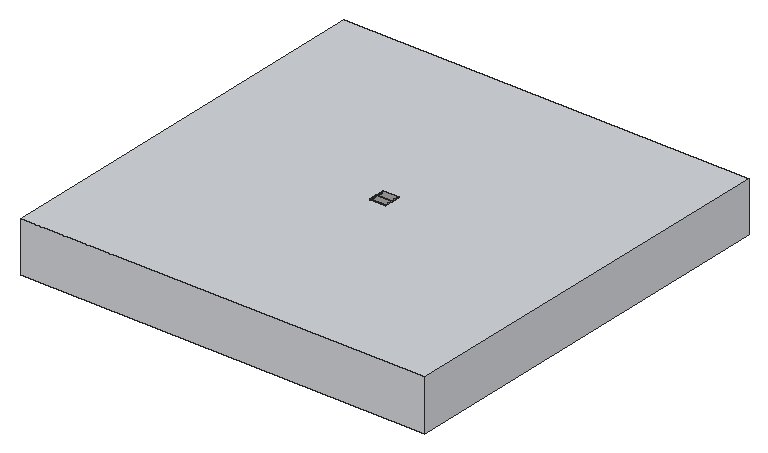
Revit family "Gira_502205", category Elektroinstallationen, Revit 2017
Family settings
  Basisbauteil = Fläche
  Beschriftungsausrichtung beibehalten = Nein
  Bemaßung runder Anschluss = Durchmesser verwenden
  Teiletyp = Normal
  Beim Laden mit Abzugskörper schneiden = Nein
  Gemeinsam genutzt = Nein
  Raumberechnungspunkt = Nein
Parameters (values of type "Wippenset 2f Tastsens.4 TS4 G Schwarz")
  Werkstoffgüte = ""
  Werkstoff Text = "Glas"
  Default Elevation = 1219.2 mm
  URL = "https://www.gira.de/"
  Typname = "Wippenset 2f Tastsens.4 TS4 G Schwarz"
  Type Comments = ""
  Transparent = no
  Produktseite = "https://media.stage.bim.site/t/eyJhbGciOiJIUzI1NiIsInR5cCI6IkpXVCJ9.eyJjdCI6MiwidHUiOiJodHRwOi8va2F0YWxvZy5naXJhLmRlL2RlX0RFL2RhdGVuYmxhdHQuaHRtbD9hcnRpa2VsbnI9NTAyMjA1IiwiY2lkIjoiMzI3N2NjMjMtODFhOS00ZWUzLWE5MGEtYjQ3YmI0YzBiNjE2IiwicmlkIjoiMWIyMWQ1ZDk4ZGQ1NjRkOWJkNmQxZjRhOTdmNGJkYjQiLCJwaWQiOiI2ZTM5OTM1NDc0MmYwNmMxZTU4NGQ1MmVlOTUzNjhjNmVhM2NiNWJkIiwic2lkIjoiNjM0NzAiLCJ1dCI6MSwibGMiOiJkZSIsImlhdCI6MTYwMDk0NTI1NSwiaXNzIjoiaHR0cHM6Ly9hcGkubGl2ZS5iaW0uc2l0ZSIsInN1YiI6ImFkbWluQGJpbXNpdGUuZGV2In0.Swe4Y3NND8hJRV7GYpqz1jh9BWdQmOjFVoW7k1xVzJE"
  Model = ""
  Cost = 0
  Hersteller = "Gira"
  HeinzeBIM = "https://www.heinze.de/bim/wippenset-2f-tastsens-4-ts4-g-schwarz/6e399354742f06c1e584d52ee95368c6ea3cb5bd"
  HAN = "502205"
  GTIN = "4010337071990"
  Funk bidirektional = no
  Farbe = "schwarz"
  Datenblatt 1 = "https://media.stage.bim.site/t/eyJhbGciOiJIUzI1NiIsInR5cCI6IkpXVCJ9.eyJjdCI6MSwidGYiOiJwdWJsaWMvZ2lyYS9hZThjNTU3LzUwMjIwNS50eHQiLCJjaWQiOiIzMjc3Y2MyMy04MWE5LTRlZTMtYTkwYS1iNDdiYjRjMGI2MTYiLCJyaWQiOiIxYjIxZDVkOThkZDU2NGQ5YmQ2ZDFmNGE5N2Y0YmRiNCIsInBpZCI6IjZlMzk5MzU0NzQyZjA2YzFlNTg0ZDUyZWU5NTM2OGM2ZWEzY2I1YmQiLCJzaWQiOiI2MzQ3MCIsInV0IjoxLCJsYyI6ImRlIiwiaWF0IjoxNjAwOTQ1MjU1LCJpc3MiOiJodHRwczovL2FwaS5saXZlLmJpbS5zaXRlIiwic3ViIjoiYWRtaW5AYmltc2l0ZS5kZXYifQ.05tRv_WV3dKPAUDO6Bb5DyEgXGWhxvr6wOzZHeokyVo/502205.txt"
  Datenblatt = "https://media.stage.bim.site/t/eyJhbGciOiJIUzI1NiIsInR5cCI6IkpXVCJ9.eyJjdCI6MSwidHUiOiJodHRwczovL2thdGFsb2cuZ2lyYS5kZS9kZV9ERS9kb3dubG9hZC5odG1sP2FydGlrZWxucj01MDIyMDUiLCJjaWQiOiIzMjc3Y2MyMy04MWE5LTRlZTMtYTkwYS1iNDdiYjRjMGI2MTYiLCJyaWQiOiIxYjIxZDVkOThkZDU2NGQ5YmQ2ZDFmNGE5N2Y0YmRiNCIsInBpZCI6IjZlMzk5MzU0NzQyZjA2YzFlNTg0ZDUyZWU5NTM2OGM2ZWEzY2I1YmQiLCJzaWQiOiI2MzQ3MCIsInV0IjoxLCJsYyI6ImRlIiwiaWF0IjoxNjAwOTQ1MjU1LCJpc3MiOiJodHRwczovL2FwaS5saXZlLmJpbS5zaXRlIiwic3ViIjoiYWRtaW5AYmltc2l0ZS5kZXYifQ.zsnR72TqTifHMQvjaOmHPa1Hufe4V65w7fzJk8UAavY"
  Bussystem Powernet = no
  Bussystem LON = no
  Bussystem KNX-Funk = no
  Bussystem KNX = yes
  Bussystem Funkbus = no
  Beschreibung = "Wippenset 2fach für Tastsensor 4  Glas Schwarz Hinweise :  Beschreibbare Wippensets können mit einer individuellen Beschriftung versehen werden. Die Bestellung wird über den Großhandel abgewickelt, der beim Bestellvorgang der Wippen angegeben wurde."
  Assembly Code = ""
  Keynote = ""
  BIMSITE_PRODUCT_ID = "6e399354742f06c1e584d52ee95368c6ea3cb5bd"
  BIM = "https://media.stage.bim.site/t/eyJhbGciOiJIUzI1NiIsInR5cCI6IkpXVCJ9.eyJjdCI6MSwidGYiOiJwdWJsaWMvZ2lyYS9hZThjNTU3LzQwXzUwMjIwMCBUUzQgV2lwcGVuc2V0IDJmYWNoLnJmYSIsImNpZCI6IjMyNzdjYzIzLTgxYTktNGVlMy1hOTBhLWI0N2JiNGMwYjYxNiIsInJpZCI6IjFiMjFkNWQ5OGRkNTY0ZDliZDZkMWY0YTk3ZjRiZGI0IiwicGlkIjoiNmUzOTkzNTQ3NDJmMDZjMWU1ODRkNTJlZTk1MzY4YzZlYTNjYjViZCIsInNpZCI6IjYzNDcwIiwidXQiOjUsImxjIjoiZGUiLCJpYXQiOjE2MDA5NDUyNTUsImlzcyI6Imh0dHBzOi8vYXBpLmxpdmUuYmltLnNpdGUiLCJzdWIiOiJhZG1pbkBiaW1zaXRlLmRldiJ9.BohujHqUzTp7QjzTFn1EbFpwPXjUT207VROGus0ApFg/40_502200 TS4 Wippenset 2fach.rfa"
  Andere Bussysteme = "ohne"
Reference planes
  plane 1 "Center (Front/Back)": y = 0
  plane 2: z = 0
  plane 3 "Center (Left/Right)": x = 0
Forms (mm)
  Extrusion 1, solid
    sketch origin (0, 0, 0) x (1, 0, 0) y (0, 1, 0)
      loop
        line (-1219.2, 1219.2) -> (-1219.2, -1219.2) -> (1219.2, -1219.2) -> (1219.2, 1219.2) -> (-1219.2, 1219.2)
    from 0 to -304.8
Dimensions and locks
  aligned and locked: plane 2 to Extrusion 1
  aligned and locked: level to Extrusion 1
Nested families
  nested 1: "40_502100 TS4 Wippenset 2fach" at (0, 0, 0), type "40_502100 TS4 Wippenset 2fach"
Definition of nested family "40_502100 TS4 Wippenset 2fach"
  Parameters
    White = none
  Reference planes
    plane 1 "Center (Front/Back)": y = 0
    plane 2: z = 0
    plane 3 "Center (Left/Right)": x = 0
  Forms (mm)
    Extrusion 1, solid, material <- "White", detail levels fine
      sketch origin (0, 0, 0) x (1, 0, 0) y (0, 1, 0)
        loop
          arc (-46.5, 47.5) -> (-47.207, 47.207) -> (-47.5, 46.5) r 1
          line (-47.5, 46.5) -> (-47.5, 24.8) -> (-42.5, 24.8)
          arc (-42.5, 24.8) -> (-41.5, 23.8) -> (-42.5, 22.8) r 1
          line (-42.5, 22.8) -> (-47.5, 22.8) -> (-47.5, 1.15)
          arc (-47.5, 1.15) -> (-47.207, 0.443) -> (-46.5, 0.15) r 1
          line (-46.5, 0.15) -> (46.5, 0.15)
          arc (46.5, 0.15) -> (47.207, 0.443) -> (47.5, 1.15) r 1
          line (47.5, 1.15) -> (47.5, 22.8) -> (42.5, 22.8)
          arc (42.5, 22.8) -> (41.5, 23.8) -> (42.5, 24.8) r 1
          line (42.5, 24.8) -> (47.5, 24.8) -> (47.5, 46.5)
          arc (47.5, 46.5) -> (47.207, 47.207) -> (46.5, 47.5) r 1
          line (46.5, 47.5) -> (-46.5, 47.5)
        loop
          arc (46.5, -47.5) -> (47.207, -47.207) -> (47.5, -46.5) r 1
          line (47.5, -46.5) -> (47.5, -24.8) -> (42.5, -24.8)
          arc (42.5, -24.8) -> (41.5, -23.8) -> (42.5, -22.8) r 1
          line (42.5, -22.8) -> (47.5, -22.8) -> (47.5, -1.15)
          arc (47.5, -1.15) -> (47.207, -0.443) -> (46.5, -0.15) r 1
          line (46.5, -0.15) -> (-46.5, -0.15)
          arc (-46.5, -0.15) -> (-47.207, -0.443) -> (-47.5, -1.15) r 1
          line (-47.5, -1.15) -> (-47.5, -22.8) -> (-42.5, -22.8)
          arc (-42.5, -22.8) -> (-41.5, -23.8) -> (-42.5, -24.8) r 1
          line (-42.5, -24.8) -> (-47.5, -24.8) -> (-47.5, -46.5)
          arc (-47.5, -46.5) -> (-47.207, -47.207) -> (-46.5, -47.5) r 1
          line (-46.5, -47.5) -> (46.5, -47.5)
      from 0 to 3.1
    Extrusion 2, solid, material <- "White", detail levels fine
      sketch origin (0, 0, 0) x (1, 0, 0) y (0, 1, 0)
        loop
          line (43.976, 44.188) -> (-43.976, 44.188) -> (-43.976, 0.15) -> (43.976, 0.15) -> (43.976, 44.188)
        loop
          line (43.976, -44.188) -> (43.976, -0.15) -> (-43.976, -0.15) -> (-43.976, -44.188) -> (43.976, -44.188)
      from 0 to -1.5
    Extrusion 3, solid, detail levels fine
      sketch origin (0, 0, 0) x (1, 0, 0) y (0, 0, 1)
        loop
          arc (-1.639, -4) -> (-1.115, -3.694) -> (-1.122, -3.087) r 0.603
          arc (-1.122, -3.087) -> (-0.011, -1.666) -> (1.122, -3.087) r 1.145
          arc (1.122, -3.087) -> (1.115, -3.694) -> (1.639, -4) r 0.603
          line (1.639, -4) -> (2.5, -4) -> (3.5, -1.5) -> (-3.5, -1.5) -> (-2.5, -4) -> (-1.639, -4)
      from 41.985 to 44.199
    Extrusion 4, solid, detail levels fine
      sketch origin (0, 0, 0) x (1, 0, 0) y (0, 0, -1)
        loop
          line (-1.639, 4) -> (-2.5, 4) -> (-3.5, 1.5) -> (3.5, 1.5) -> (2.5, 4) -> (1.639, 4)
          arc (1.639, 4) -> (1.115, 3.694) -> (1.122, 3.087) r 0.603
          arc (1.122, 3.087) -> (-0.011, 1.666) -> (-1.122, 3.087) r 1.145
          arc (-1.122, 3.087) -> (-1.115, 3.694) -> (-1.639, 4) r 0.603
      from 41.985 to 44.199
    Extrusion 5, solid, material <- "White", detail levels medium
      sketch origin (0, 0, 0) x (1, 0, 0) y (0, 1, 0)
        loop
          line (43.976, 44.188) -> (-43.976, 44.188) -> (-43.976, 0.15) -> (43.976, 0.15) -> (43.976, 44.188)
        loop
          line (43.976, -44.188) -> (43.976, -0.15) -> (-43.976, -0.15) -> (-43.976, -44.188) -> (43.976, -44.188)
      from 0 to -4
    Extrusion 6, solid, material <- "White", detail levels medium
      sketch origin (0, 0, 0) x (1, 0, 0) y (0, 1, 0)
        loop
          line (-47.5, 47.5) -> (-47.5, 0.15) -> (47.5, 0.15) -> (47.5, 47.5) -> (-47.5, 47.5)
        loop
          line (47.5, -47.5) -> (47.5, -0.15) -> (-47.5, -0.15) -> (-47.5, -47.5) -> (47.5, -47.5)
      from 0 to 3.3
    Extrusion 7, solid, material <- "White", detail levels fine
      sketch origin (0, 0, 0) x (1, 0, 0) y (0, 1, 0)
        loop
          line (-43.976, 44.188) -> (-43.976, 40.908) -> (-42.655, 40.908) -> (-42.655, 44.188) -> (-43.976, 44.188)
        loop
          line (43.976, 44.188) -> (42.655, 44.188) -> (42.655, 40.908) -> (43.976, 40.908) -> (43.976, 44.188)
        loop
          line (-43.976, -44.188) -> (-42.655, -44.188) -> (-42.655, -40.908) -> (-43.976, -40.908) -> (-43.976, -44.188)
        loop
          line (43.976, -44.188) -> (43.976, -40.908) -> (42.655, -40.908) -> (42.655, -44.188) -> (43.976, -44.188)
      from 0 to -4
    Extrusion 8, solid, detail levels fine
      sketch origin (0, 0, 0) x (1, 0, 0) y (0, 1, 0)
        loop
          line (-47.5, 24.8) -> (-47.5, 22.8) -> (-42.5, 22.8)
          arc (-42.5, 22.8) -> (-41.5, 23.8) -> (-42.5, 24.8) r 1
          line (-42.5, 24.8) -> (-47.5, 24.8)
        loop
          line (47.5, 24.8) -> (42.5, 24.8)
          arc (42.5, 24.8) -> (41.5, 23.8) -> (42.5, 22.8) r 1
          line (42.5, 22.8) -> (47.5, 22.8) -> (47.5, 24.8)
        loop
          line (-47.5, -24.8) -> (-42.5, -24.8)
          arc (-42.5, -24.8) -> (-41.5, -23.8) -> (-42.5, -22.8) r 1
          line (-42.5, -22.8) -> (-47.5, -22.8) -> (-47.5, -24.8)
        loop
          line (47.5, -24.8) -> (47.5, -22.8) -> (42.5, -22.8)
          arc (42.5, -22.8) -> (41.5, -23.8) -> (42.5, -24.8) r 1
          line (42.5, -24.8) -> (47.5, -24.8)
      from 0 to 3.3
    Extrusion 9, solid, detail levels coarse
      sketch origin (0, 0, 0) x (1, 0, 0) y (0, 1, 0)
        loop
          line (-47.5, 47.5) -> (-47.5, -47.5) -> (47.5, -47.5) -> (47.5, 47.5) -> (-47.5, 47.5)
      from -4 to 3.3
    Extrusion 10, solid, material <- "White", detail levels fine
      sketch origin (0, 23.8, 0) x (1, 0, 0) y (0, 1, 0)
        loop
          line (-41.852, 6.181) -> (-43.976, 4.461) -> (-43.976, -4.461) -> (-41.852, -6.181)
          arc (-41.852, -6.181) -> (-38.884, -6.014) -> (-38.763, -3.043) r 2.212
          line (-38.763, -3.043) -> (-38.763, 3.043)
          arc (-38.763, 3.043) -> (-38.884, 6.014) -> (-41.852, 6.181) r 2.212
        loop
          arc (-39.415, 3.847) -> (-39.669, 5.38) -> (-41.223, 5.404) r 1.212
          line (-41.223, 5.404) -> (-42.938, 4.015) -> (-40.57, 1.883) -> (-39.415, 3.847)
        loop
          line (-39.415, -3.847) -> (-40.57, -1.883) -> (-42.938, -4.015) -> (-41.223, -5.404)
          arc (-41.223, -5.404) -> (-39.669, -5.38) -> (-39.415, -3.847) r 1.212
        loop
          arc (41.852, 6.181) -> (38.884, 6.014) -> (38.763, 3.043) r 2.212
          line (38.763, 3.043) -> (38.763, -3.043)
          arc (38.763, -3.043) -> (38.884, -6.014) -> (41.852, -6.181) r 2.212
          line (41.852, -6.181) -> (43.976, -4.461) -> (43.976, 4.461) -> (41.852, 6.181)
        loop
          line (39.415, 3.847) -> (40.57, 1.883) -> (42.938, 4.015) -> (41.223, 5.404)
          arc (41.223, 5.404) -> (39.669, 5.38) -> (39.415, 3.847) r 1.212
        loop
          arc (39.415, -3.847) -> (39.669, -5.38) -> (41.223, -5.404) r 1.212
          line (41.223, -5.404) -> (42.938, -4.015) -> (40.57, -1.883) -> (39.415, -3.847)
      from 0 to -3.6
    Extrusion 11, solid, detail levels fine
      sketch origin (0, -22.503, 0) x (1, 0, 0) y (0, 0, -1)
        loop
          line (-1.639, 4) -> (-2.5, 4) -> (-3.5, 1.5) -> (3.5, 1.5) -> (2.5, 4) -> (1.639, 4)
          arc (1.639, 4) -> (1.115, 3.694) -> (1.122, 3.087) r 0.603
          arc (1.122, 3.087) -> (-0.011, 1.666) -> (-1.122, 3.087) r 1.145
          arc (-1.122, 3.087) -> (-1.115, 3.694) -> (-1.639, 4) r 0.603
      from 28.117 to 25.903
    Extrusion 12, solid, material <- "White", detail levels fine
      sketch origin (0, -25, 0) x (1, 0, 0) y (0, 1, 0)
        loop
          line (-43.976, 21.601) -> (-43.976, 18.309) -> (-42.655, 18.309) -> (-42.655, 21.601) -> (-43.976, 21.601)
        loop
          line (43.976, 21.601) -> (42.655, 21.601) -> (42.655, 18.309) -> (43.976, 18.309) -> (43.976, 21.601)
        loop
          line (-43.976, -19.188) -> (-42.655, -19.188) -> (-42.655, -15.908) -> (-43.976, -15.908) -> (-43.976, -19.188)
        loop
          line (43.976, -19.188) -> (43.976, -15.908) -> (42.655, -15.908) -> (42.655, -19.188) -> (43.976, -19.188)
      from 0 to -4
    Extrusion 13, solid, material <- "White", detail levels fine
      sketch origin (0, -23.8, 0) x (1, 0, 0) y (0, 1, 0)
        loop
          arc (-41.852, -6.181) -> (-38.884, -6.014) -> (-38.763, -3.043) r 2.212
          line (-38.763, -3.043) -> (-38.763, 3.043)
          arc (-38.763, 3.043) -> (-38.884, 6.014) -> (-41.852, 6.181) r 2.212
          line (-41.852, 6.181) -> (-43.976, 4.461) -> (-43.976, -4.461) -> (-41.852, -6.181)
        loop
          line (-39.415, -3.847) -> (-40.57, -1.883) -> (-42.938, -4.015) -> (-41.223, -5.404)
          arc (-41.223, -5.404) -> (-39.669, -5.38) -> (-39.415, -3.847) r 1.212
        loop
          arc (-39.415, 3.847) -> (-39.669, 5.38) -> (-41.223, 5.404) r 1.212
          line (-41.223, 5.404) -> (-42.938, 4.015) -> (-40.57, 1.883) -> (-39.415, 3.847)
        loop
          line (41.852, -6.181) -> (43.976, -4.461) -> (43.976, 4.461) -> (41.852, 6.181)
          arc (41.852, 6.181) -> (38.884, 6.014) -> (38.763, 3.043) r 2.212
          line (38.763, 3.043) -> (38.763, -3.043)
          arc (38.763, -3.043) -> (38.884, -6.014) -> (41.852, -6.181) r 2.212
        loop
          arc (39.415, -3.847) -> (39.669, -5.38) -> (41.223, -5.404) r 1.212
          line (41.223, -5.404) -> (42.938, -4.015) -> (40.57, -1.883) -> (39.415, -3.847)
        loop
          line (39.415, 3.847) -> (40.57, 1.883) -> (42.938, 4.015) -> (41.223, 5.404)
          arc (41.223, 5.404) -> (39.669, 5.38) -> (39.415, 3.847) r 1.212
      from 0 to -3.6
    Extrusion 14, solid, detail levels fine
      sketch origin (0, 22.503, 0) x (1, 0, 0) y (0, 0, 1)
        loop
          arc (-1.639, -4) -> (-1.115, -3.694) -> (-1.122, -3.087) r 0.603
          arc (-1.122, -3.087) -> (-0.011, -1.666) -> (1.122, -3.087) r 1.145
          arc (1.122, -3.087) -> (1.115, -3.694) -> (1.639, -4) r 0.603
          line (1.639, -4) -> (2.5, -4) -> (3.5, -1.5) -> (-3.5, -1.5) -> (-2.5, -4) -> (-1.639, -4)
      from 28.117 to 25.903
    Extrusion 15, solid, material <- "White", detail levels fine
      sketch origin (0, 25, 0) x (1, 0, 0) y (0, 1, 0)
        loop
          line (-43.976, -21.601) -> (-42.655, -21.601) -> (-42.655, -18.309) -> (-43.976, -18.309) -> (-43.976, -21.601)
        loop
          line (43.976, -21.601) -> (43.976, -18.309) -> (42.655, -18.309) -> (42.655, -21.601) -> (43.976, -21.601)
        loop
          line (-43.976, 19.188) -> (-43.976, 15.908) -> (-42.655, 15.908) -> (-42.655, 19.188) -> (-43.976, 19.188)
        loop
          line (43.976, 19.188) -> (42.655, 19.188) -> (42.655, 15.908) -> (43.976, 15.908) -> (43.976, 19.188)
      from 0 to -4
  Cuts and joins
    joined: Extrusion 2, Extrusion 7, Extrusion 10
  Dimensions and locks
    aligned and locked: level to plane 2
